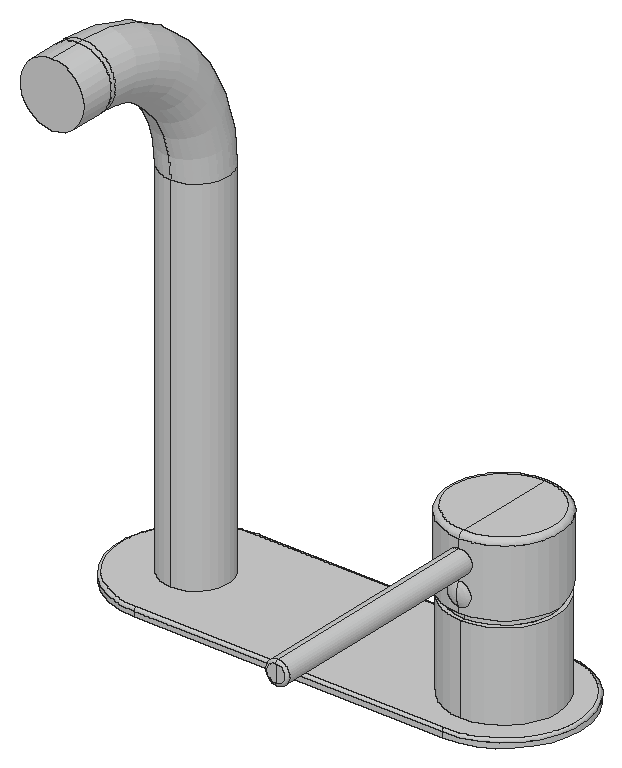
Revit family "MixerSet_Wall_Abey_LuciaBuilders_200_FaceBased", category Plumbing Fixtures, host Face, Revit 2022
Family settings
  Host = Face
  Round Connector Dimension = Use Diameter
  Part Type = Normal
  OmniClass Number = 23.31.11.19
  OmniClass Title = Faucet Mixing Valves
  Cut with Voids When Loaded = Yes
  Maintain Annotation Orientation = No
  Shared = No
  Room Calculation Point = No
Parameters (values of type "Chrome (4WS-EXT-200-LF)")
  Waste Connection = no
  Vent Connection = no
  Uniclass2015Version = "Products v1.38"
  Uniclass2015Title = "Mixer taps"
  Uniclass2015Code = "Pr_40_20_87_55"
  URL = "https://www.abey.com.au/"
  Type Comments = "Mixer Set - Wall - 200 - Chrome"
  ModifiedIssue = 20251103
  Model = "4WS-EXT-200-LF"
  Material = Metal_Abey_Chrome
  ManufacturerURLProductSpecific = "https://www.abeyspecifier.com.au/product/lucia-builders-wall-mixer-with-spout-external-only-200mm/"
  ManufacturerSpecCode = Model  # "4WS-EXT-200-LF"
  ManufacturerOverallWidth = 180 mm  # constant formula
  ManufacturerOverallHeight = 141 mm  # constant formula
  ManufacturerOverallDepth = 212.5 mm  # constant formula
  Manufacturer = "Abey"
  Keynote = ""
  IfcExportType = "FAUCET"
  IfcExportAs = "IfcValve"
  HW Connection = yes
  Description = "Lucia Builders Wall Mixer with Spout 200mm Chrome"
  Default Elevation = 1050 mm
  CreatedByURL = "https://igsgroup.com.au"
  CreatedBy = "IGS BIM Solutions"  # constant formula
  Cost = 0
  CW Connection = yes
  Assembly Code = "C1030210"
Types (3, lengths in mm): name | Type Comments | Model | Material | ManufacturerURLProductSpecific | ManufacturerSpecCode | Description
  Chrome (4WS-EXT-200-LF) | "Mixer Set - Wall - 200 - Chrome" | "4WS-EXT-200-LF" | Metal_Abey_Chrome | "https://www.abeyspecifier.com.au/product/lucia-builders-wall-mixer-with-spout-external-only-200mm/" | "4WS-EXT-200-LF" | "Lucia Builders Wall Mixer with Spout 200mm Chrome"
  Brushed Nickel (4WS-EXT-200-BN-LF) | "Mixer Set - Wall - 200 - Brushed Nickel" | "4WS-EXT-200-BN-LF" | Metal_Abey_BrushedNickel | "https://www.abeyspecifier.com.au/product/lucia-builders-wall-mixer-with-spout-external-only-200mm-3/" | "4WS-EXT-200-BN-LF" | "Lucia Builders Wall Mixer with Spout 200mm Brushed Nickel"
  Black (4WS-EXT-200-B-LF) | "Mixer Set - Wall - 200 - Black" | "4WS-EXT-200-B-LF" | Metal_Abey_Black | "https://www.abeyspecifier.com.au/product/lucia-builders-wall-mixer-with-spout-external-only-200mm-2/" | "4WS-EXT-200-B-LF" | "Lucia Builders Wall Mixer with Spout 200mm Black"
Reference planes
  plane 1 "Top": y = 31.5
  plane 2 "WallFace": z = 0
  plane 3 "Center (Left/Right)": x = -97.18
  plane 4 "Bottom": y = -109.5
  plane 5 "Left": x = -187.18
  plane 6 "Right": x = -7.18
  plane 7 "Back": z = 0
  plane 8 "Front": z = 212.5
  plane 9 "MountingHeight": y = 1.5
Forms (mm)
  Extrusion 1, void
    sketch origin (0, 0, 0) x (1, 0, 0) y (0, 1, 0)
      loop
        circle (-157.18, 1.5) r 15
    from 0 to -30
Text (mm)
  text "Disclaimer:\nDue to ongoing product development and manufacturing evolution, product details are subject to change without notice. Please refer to product technical data sheets on the manufacturers website for the most current product information. Please allow a +/- 5mm manufacturing tolerance for dimensions and set-outs shown in product literature." at (431.593, 11.453, 0), in view "Ref. Level"
Dimensions and locks
  equal spacing: plane 5 "Left", plane 3 "Center (Left/Right)", plane 6 "Right"
  "ManufacturerOverallWidth": plane 5 "Left" to plane 6 "Right"
  "ManufacturerOverallHeight": plane 4 "Bottom" to plane 1 "Top"
  "ManufacturerOverallDepth": plane 8 "Front" to plane 7 "Back"
  locked: plane 9 "MountingHeight" to plane 1 "Top" at 30
  aligned and locked: plane 2 "WallFace" to host face
  aligned and locked: level to host face
  aligned and locked: plane 7 "Back" to plane 2 "WallFace"
  aligned and locked: plane 7 "Back" to nested 1
  aligned and locked: plane 3 "Center (Left/Right)" to nested 1
  aligned and locked: nested 1 to plane 9 "MountingHeight"
Automatic sketch dimensions
  host sketch curve to host sketch curve = 329.098 mm
  host sketch curve to host sketch curve = 282.2 mm
  Extrusion 1 sketch curve to plane 9 "MountingHeight" = 0 mm
  Extrusion 1 sketch curve to plane 5 "Left" = 30 mm
  radius of Extrusion 1 sketch curve = 15 mm
Nested families
  nested 1: "z_MixerSet_Wall_Abey_LuciaBuilders_200" at (-92.174, 1.5, 305) x (1, 0, 0) z (0, 1, 0), type "Type 1"
Connectors
  piping at (-164.53, 1.5, -1), diameter 12.7, driven by "HW Connection"
    settings: on nested 1, index 1, connector inside diameter 24", connector length 0 mm, flow factor 0, pipe flow 0.00 L/s, pressure drop 0 kPa, fitting loss kfactor 0, connector angle 0.00°, fixture units 0, engagement length 0 mm, angle of deflection 0.00°, flow configuration 2, flow direction 1, fitting loss method 0, system type 19, joint type 0, gender type 0, connector reference index -1, connector utility 1, adjustable connector no, is connector primary yes, connector description "Hot Water Supply"
  piping at (-149.83, 1.5, -1), diameter 12.7, driven by "CW Connection"
    settings: on nested 1, index 2, connector inside diameter 24", connector length 0 mm, flow factor 0, pipe flow 0.00 L/s, pressure drop 0 kPa, fitting loss kfactor 0, connector angle 0.00°, fixture units 0, engagement length 0 mm, angle of deflection 0.00°, flow configuration 2, flow direction 1, fitting loss method 0, system type 20, joint type 0, gender type 0, connector reference index -1, connector utility 1, adjustable connector no, is connector primary no, connector description "Cold Water Supply"
Definition of nested family "z_MixerSet_Wall_Abey_LuciaBuilders_200"
  Parameters (values of type "Type 1")
    Waste Connection = no
    Vent Connection = no
    URL = "https://www.abey.com.au/"
    Type Comments = ""
    Model = ""
    ManufacturerOverallWidth = 180 mm  # constant formula
    ManufacturerOverallHeight = 141 mm  # constant formula
    ManufacturerOverallDepth = 212.5 mm  # constant formula
    Manufacturer = "Abey"
    HW Connection = yes
    Description = ""
    Default Elevation = 0 mm
    CreatedByURL = "https://igsgroup.com.au"
    CreatedBy = "IGS BIM Solutions"  # constant formula
    CW Connection = yes
    Material = none
    Assembly Code = ""
  Reference planes
    plane 1 "Ref. Level": z = 0
    plane 2 "Left": x = -95.006
    plane 3 "Back": y = 305
    plane 4 "SpoutCenter": y = 105
    plane 5 "SpoutCenter (Left/Right)": x = -65.006
    plane 6 "Front": y = 92.5
    plane 7 "Right": x = 84.994
    plane 8 "Top": z = 30
    plane 9 "MountingHeight": z = 0
    plane 10 "LeverCenter (Left/Right)": x = 54.994
    plane 11 "Center (Left/Right)": x = -5.006
    plane 12 "Bottom": z = -111
  Forms (mm)
    Extrusion 1, solid, material <- "Material"
      sketch origin (-45.006, 305, 1015.5) x (-1, 0, 0) y (0, 0, 1)
        loop
          circle (12.65, -1015.5) r 6.35
        loop
          circle (27.35, -1015.5) r 6.35
      from 0 to 1
    Sweep 2, solid, material <- "Material"
      path origin (-65.006, 1216.962, 4160) x (0, 1, 0) y (0, 0, 1)
        loop
          line (-911.962, -4160) -> (-1056.962, -4160)
          arc (-1056.962, -4160) -> (-1095.853, -4176.109) -> (-1111.962, -4215) r 55
          line (-1111.962, -4215) -> (-1111.962, -4217)
      profile origin (-65.006, 232.5, 0) x (0, 0, -1) y (1, 0, 0)
        loop
          circle (0, 0) r 12.5
    Extrusion 3, solid, material <- "Material"
      sketch origin (0, -1484, -81) x (0, -1, 0) y (-1, 0, 0)
        loop
          circle (-1589, 65.006) r 12.5
      from -11 to -24
    Sweep 4, solid, material <- "Material"
      path origin (-200, 305, 170) x (1, 0, 0) y (0, 0, 1)
        loop
          arc (134.994, -140) -> (104.994, -170) -> (134.994, -200) r 30
          line (134.994, -200) -> (254.994, -200)
          arc (254.994, -200) -> (284.994, -170) -> (254.994, -140) r 30
          line (254.994, -140) -> (134.994, -140)
      profile origin (-5.006, 305, 30) x (0, 0, 1) y (0, -1, 0)
        loop
          line (0, 0) -> (0, 2)
          arc (0, 2) -> (-0.293, 2.707) -> (-1, 3) r 1
          line (-1, 3) -> (-10, 3) -> (-10, 0) -> (0, 0)
    Extrusion 5, solid, material <- "Material"
      sketch origin (44.994, 295, 1050) x (0, 0, 1) y (1, 0, 0)
        loop
          line (-1030, -110) -> (-1030, 10)
          arc (-1030, 10) -> (-1050, 30) -> (-1070, 10) r 20
          line (-1070, 10) -> (-1070, -110)
          arc (-1070, -110) -> (-1050, -130) -> (-1030, -110) r 20
      from 7 to 10
    Revolve 6, solid, material <- "Material"
      sketch origin (54.994, 0, 0) x (0, 1, 0) y (0, 0, 1)
        loop
          line (302, 0) -> (302, 21) -> (268, 21) -> (268, 19.25)
          arc (268, 19.25) -> (263.795, 18.716) -> (260, 16.829) r 12.712
          line (260, 16.829) -> (260, 0) -> (268, 0) -> (302, 0)
        axis (260, 0) -> (302, 0)
      angle from 0 to 360
    Revolve 7, solid, material <- "Material"
      sketch origin (54.994, 0, 0) x (0, 1, 0) y (0, 0, 1)
        loop
          line (265, 0) -> (265, 21.768) -> (239, 21.768)
          arc (239, 21.768) -> (237.586, 21.183) -> (237, 19.768) r 2
          line (237, 19.768) -> (237, 0) -> (265, 0)
        axis (237, 0) -> (265, 0)
      angle from 0 to 360
    Revolve 8, solid, material <- "Material"
      sketch origin (54.994, 0, 0) x (0, 1, 0) y (0, 0, 1)
        loop
          line (247, -111) -> (247, -13.546) -> (242.5, -13.546) -> (242.5, -110)
          arc (242.5, -110) -> (242.793, -110.707) -> (243.5, -111) r 1
          line (243.5, -111) -> (247, -111)
        axis (247, -111) -> (247, -13.546)
      angle from 0 to 360
    Extrusion 9, void
      sketch origin (54.994, 1216.962, 4153.735) x (0, 1, 0) y (0, 0, 1)
        loop
          line (-951.962, -4153.735) -> (-951.962, -4131.077) -> (-958.459, -4131.077) -> (-951.962, -4153.735)
      from -30 to 30
    Revolve 10, solid, material <- "Material"
      sketch origin (54.994, 0, 0) x (0, 1, 0) y (0, 0, 1)
        loop
          line (260.75, -21.768) -> (260.75, -16.768) -> (258.25, -16.768) -> (258.25, -21.768) -> (258.25, -23.056)
          arc (258.25, -23.056) -> (260.59, -22.728) -> (262.75, -21.768) r 8.507
          line (262.75, -21.768) -> (260.75, -21.768)
        axis (258.25, -23.056) -> (258.25, -16.768)
      angle from 0 to 360
  Cuts and joins
    Extrusion 9 cuts Revolve 7
    joined: Sweep 2, Sweep 4, Extrusion 5, Revolve 6, Revolve 7, Revolve 8
  Lines and regions (mm)
    Masking region 1
      outline origin (0, 0, 30) x (0, -1, 0) y (1, 0, 0)
        loop
          line (-305, -95.006) -> (-303, -95.006)
          arc (-303, -95.006) -> (-302.293, -94.713) -> (-302, -94.006) r 1
          line (-302, -94.006) -> (-302, -77.506) -> (-105, -77.506)
          arc (-105, -77.506) -> (-92.5, -65.006) -> (-105, -52.506) r 12.5
          line (-105, -52.506) -> (-302, -52.506) -> (-302, 33.994) -> (-268, 33.994) -> (-268, 35.744)
          arc (-268, 35.744) -> (-266.494, 35.766) -> (-265, 35.959) r 13.298
          line (-265, 35.959) -> (-265, 33.225) -> (-239, 33.225)
          arc (-239, 33.225) -> (-237.586, 33.811) -> (-237, 35.225) r 2
          line (-237, 35.225) -> (-237, 74.762)
          arc (-237, 74.762) -> (-237.586, 76.176) -> (-239, 76.762) r 2
          line (-239, 76.762) -> (-265, 76.762) -> (-265, 74.028)
          arc (-265, 74.028) -> (-266.494, 74.221) -> (-268, 74.244) r 13.298
          line (-268, 74.244) -> (-268, 75.994) -> (-302, 75.994) -> (-302, 83.994)
          arc (-302, 83.994) -> (-302.293, 84.701) -> (-303, 84.994) r 1
          line (-303, 84.994) -> (-305, 84.994) -> (-305, -95.006)
    symbolic lines, detail levels medium+fine
      curve 1: line (-77.506, 302, 30) -> (-52.506, 302, 30)
      curve 3: line (33.994, 302, 30) -> (75.994, 302, 30)
      curve 4: line (35.744, 268, 30) -> (74.244, 268, 30)
      curve 5: spline (54.994, 258.745, 30) -> (52.1, 258.815, 30) -> (49.264, 258.989, 30) -> (46.534, 259.263, 30) -> (43.958, 259.633, 30) -> (41.578, 260.092, 30) -> (39.437, 260.633, 30) -> (37.569, 261.247, 30) -> (36.008, 261.922, 30) -> (34.78, 262.648, 30) -> (33.906, 263.411, 30) -> (33.4, 264.2, 30) -> (33.273, 265, 30)
      curve 6: spline (35.958, 265, 30) -> (36.264, 264.349, 30) -> (36.866, 263.714, 30) -> (37.754, 263.105, 30) -> (38.913, 262.532, 30) -> (40.325, 262.004, 30) -> (41.968, 261.529, 30) -> (43.815, 261.115, 30) -> (45.837, 260.768, 30) -> (48.001, 260.495, 30) -> (50.273, 260.299, 30) -> (52.616, 260.183, 30) -> (54.994, 260.15, 30)
      curve 7: spline (76.715, 265, 30) -> (76.587, 264.2, 30) -> (76.082, 263.411, 30) -> (75.208, 262.648, 30) -> (73.979, 261.922, 30) -> (72.418, 261.247, 30) -> (70.551, 260.633, 30) -> (68.409, 260.092, 30) -> (66.03, 259.633, 30) -> (63.453, 259.263, 30) -> (60.724, 258.989, 30) -> (57.888, 258.815, 30) -> (54.994, 258.745, 30)
      curve 8: spline (54.994, 260.15, 30) -> (57.371, 260.183, 30) -> (59.715, 260.299, 30) -> (61.987, 260.495, 30) -> (64.151, 260.768, 30) -> (66.172, 261.115, 30) -> (68.019, 261.529, 30) -> (69.662, 262.004, 30) -> (71.074, 262.532, 30) -> (72.233, 263.105, 30) -> (73.121, 263.714, 30) -> (73.723, 264.349, 30) -> (74.03, 265, 30)
    symbolic lines
      curve 2: arc (-77.506, 92.5, 0) -> (-65.006, 92.5, 12.5) -> (-52.506, 92.5, 0) r 12.5
  Dimensions and locks
    "ManufacturerOverallDepth": plane 3 "Back" to plane 6 "Front"
    locked: plane 4 "SpoutCenter" to plane 6 "Front" at 12.5
    locked: plane 2 "Left" to plane 5 "SpoutCenter (Left/Right)" at 30
    "ManufacturerOverallWidth": plane 2 "Left" to plane 7 "Right"
    locked: plane 8 "Top" to plane 9 "MountingHeight" at 30
    plane 10 "LeverCenter (Left/Right)" to plane 7 "Right" = 30 mm
    equal spacing: plane 2 "Left", plane 11 "Center (Left/Right)", plane 7 "Right"
    "ManufacturerOverallHeight": plane 8 "Top" to plane 12 "Bottom"
    aligned and locked: level to plane 1 "Ref. Level"
  Automatic sketch dimensions
    Extrusion 1 sketch curve to level = 0 mm  (x2)
    plane 5 "SpoutCenter (Left/Right)" to Extrusion 1 sketch curve = 7.35 mm
    Extrusion 1 sketch curve to plane 5 "SpoutCenter (Left/Right)" = 7.35 mm
    Sweep 2 sketch curve to plane 5 "SpoutCenter (Left/Right)" = 0 mm
    Sweep 2 sketch curve to profile plane = 0 mm
    Extrusion 3 sketch curve to plane 4 "SpoutCenter" = 0 mm
    Extrusion 3 sketch curve to plane 5 "SpoutCenter (Left/Right)" = 0 mm
    curve 2 to level = 0 mm
    curve 2 to plane 5 "SpoutCenter (Left/Right)" = 0 mm
    plane 5 "SpoutCenter (Left/Right)" to curve 2 = 12.5 mm
    Sweep 2 sketch curve to plane 4 "SpoutCenter" = 0 mm
    Sweep 2 sketch curve to level = 0 mm
    Sweep 2 sketch curve to plane 3 "Back" = 0 mm
    Sweep 2 sketch curve to Sweep 2 sketch curve = 2 mm
    Sweep 4 sketch curve to plane 5 "SpoutCenter (Left/Right)" = 0 mm
    Sweep 4 sketch curve to plane 8 "Top" = 0 mm
    Sweep 4 sketch curve to level = 0 mm
    plane 7 "Right" to Sweep 4 sketch curve = 30 mm
    Sweep 4 sketch curve to plane 3 "Back" = 0 mm
    profile plane to Sweep 4 sketch curve = 0 mm
    profile plane to Sweep 4 sketch curve = 1 mm
    Sweep 4 sketch curve to Sweep 4 sketch curve = 9 mm
    plane 3 "Back" to Sweep 4 sketch curve = 2 mm
    Extrusion 5 sketch curve to plane 5 "SpoutCenter (Left/Right)" = 0 mm
    Extrusion 5 sketch curve to level = 0 mm
    Extrusion 5 sketch curve to Extrusion 5 sketch curve = 20 mm
    plane 7 "Right" to Extrusion 5 sketch curve = 30 mm
    Revolve 6 sketch curve to level = 0 mm  (x2)
    plane 3 "Back" to Revolve 6 sketch curve = 45 mm
    Revolve 6 sketch curve to Revolve 6 sketch curve = 7.477 mm
    Revolve 6 sketch curve to Revolve 6 sketch curve = 8 mm
    Revolve 6 sketch curve to Revolve 6 sketch curve = 0.523 mm
    plane 3 "Back" to Revolve 6 sketch curve = 3 mm
    level to Revolve 6 sketch curve = 6.549 mm
    Revolve 6 sketch curve to Revolve 6 sketch curve = 10.28 mm
    Revolve 6 sketch curve to Revolve 6 sketch curve = 1.75 mm
    Revolve 6 sketch curve to Revolve 6 sketch curve = 0 mm
    Revolve 6 sketch curve to Revolve 6 sketch curve = 7.352 mm
    Revolve 7 sketch curve to level = 0 mm  (x2)
    plane 3 "Back" to Revolve 7 sketch curve = 68 mm
    Revolve 7 sketch curve to Revolve 7 sketch curve = 2 mm
    plane 8 "Top" to Revolve 7 sketch curve = 8.232 mm
    Revolve 7 sketch curve to Revolve 7 sketch curve = 26 mm
    Revolve 7 sketch curve to Revolve 7 sketch curve = 0 mm
    Revolve 7 sketch curve to Revolve 7 sketch curve = 8.533 mm
    Revolve 8 sketch curve to level = 13.546 mm
    plane 3 "Back" to Revolve 8 sketch curve = 62.5 mm
    Revolve 8 sketch curve to Revolve 8 sketch curve = 1 mm
    Revolve 8 sketch curve to Revolve 8 sketch curve = 4.5 mm
    Revolve 8 sketch curve to Revolve 8 sketch curve = 0 mm
    Extrusion 9 sketch curve to level = 0 mm
    plane 3 "Back" to Extrusion 9 sketch curve = 40 mm
    plane 8 "Top" to Extrusion 9 sketch curve = 7.342 mm
    Extrusion 9 sketch curve to Extrusion 9 sketch curve = 6.497 mm
    Revolve 10 sketch curve to level = 14.55 mm
    plane 3 "Back" to Revolve 10 sketch curve = 46.75 mm
    Revolve 10 sketch curve to Revolve 10 sketch curve = 2.5 mm
    Revolve 10 sketch curve to Revolve 10 sketch curve = 2 mm
    Revolve 10 sketch curve to Revolve 10 sketch curve = 2.219 mm
    Revolve 10 sketch curve to Revolve 10 sketch curve = 5 mm
    Revolve 10 sketch curve to Revolve 10 sketch curve = 1.288 mm
    Revolve 10 sketch curve to Revolve 10 sketch curve = 0 mm  (x3)
    plane 3 "Back" to Masking region 1 sketch curve = 0 mm
    Masking region 1 sketch curve to plane 2 "Left" = 0 mm
    Masking region 1 sketch curve to plane 7 "Right" = 0 mm
    Masking region 1 sketch curve to plane 4 "SpoutCenter" = 0 mm
    Masking region 1 sketch curve to plane 5 "SpoutCenter (Left/Right)" = 0 mm
    Masking region 1 sketch curve to Masking region 1 sketch curve = 2 mm  (x3)
    plane 3 "Back" to Masking region 1 sketch curve = 3 mm  (x2)
    Masking region 1 sketch curve to Masking region 1 sketch curve = 1 mm
    plane 7 "Right" to Masking region 1 sketch curve = 10.75 mm
    Masking region 1 sketch curve to Masking region 1 sketch curve = 34 mm
    Masking region 1 sketch curve to plane 10 "LeverCenter (Left/Right)" = 5.964 mm
    Masking region 1 sketch curve to Masking region 1 sketch curve = 0.553 mm
    plane 10 "LeverCenter (Left/Right)" to Masking region 1 sketch curve = 5.964 mm
    Masking region 1 sketch curve to Masking region 1 sketch curve = 0 mm
    Masking region 1 sketch curve to Masking region 1 sketch curve = 3 mm  (x2)
    Masking region 1 sketch curve to Masking region 1 sketch curve = 26 mm  (x2)
    plane 7 "Right" to Masking region 1 sketch curve = 10.232 mm
    Masking region 1 sketch curve to Masking region 1 sketch curve = 12.5 mm
    Masking region 1 sketch curve to Masking region 1 sketch curve = 0.768 mm
    Masking region 1 sketch curve to Masking region 1 sketch curve = 1.75 mm  (x2)
    Masking region 1 sketch curve to Masking region 1 sketch curve = 2.734 mm
    Masking region 1 sketch curve to plane 10 "LeverCenter (Left/Right)" = 21 mm
    plane 3 "Back" to curve 1 = 3 mm
    curve 1 to plane 5 "SpoutCenter (Left/Right)" = 12.5 mm
    plane 3 "Back" to curve 3 = 3 mm
    plane 7 "Right" to curve 4 = 10.75 mm
    curve 3 to curve 4 = 34 mm
    plane 5 "SpoutCenter (Left/Right)" to curve 1 = 12.5 mm
    curve 3 to plane 10 "LeverCenter (Left/Right)" = 21 mm
    curve 4 to plane 10 "LeverCenter (Left/Right)" = 19.25 mm
    plane 7 "Right" to curve 3 = 9 mm
    curve 4 to curve 6 = 2.658 mm
    curve 6 to curve 7 = 0.342 mm
    curve 4 to curve 5 = 3 mm
    curve 5 to curve 6 = 0 mm
    curve 5 to curve 5 = 0.131 mm
    curve 7 to curve 7 = 0.131 mm
    curve 6 to plane 10 "LeverCenter (Left/Right)" = 0 mm
    curve 7 to curve 6 = 4.718 mm
    plane 10 "LeverCenter (Left/Right)" to curve 7 = 0 mm
    curve 6 to curve 7 = 1.405 mm
    curve 5 to curve 4 = 2.476 mm
    curve 5 to curve 5 = 0.005 mm
    curve 5 to curve 6 = 2.685 mm
    curve 7 to plane 10 "LeverCenter (Left/Right)" = 0.496 mm
    curve 6 to plane 10 "LeverCenter (Left/Right)" = 0.241 mm
    curve 6 to curve 7 = 3.127 mm
    curve 6 to curve 8 = 0 mm
    curve 8 to curve 8 = 0.342 mm
    plane 10 "LeverCenter (Left/Right)" to curve 8 = 0.241 mm
    curve 6 to curve 8 = 0.441 mm
    Sweep 2 sketch curve to Sweep 2 sketch curve = 55 mm
    Revolve 8 sketch curve to Revolve 8 sketch curve = 96.454 mm
    Revolve 8 sketch curve to Revolve 8 sketch curve = 32.297 mm
    Revolve 8 sketch curve to Revolve 8 sketch curve = 30 mm
    radius of Extrusion 1 sketch curve = 6.35 mm  (x2)
    radius of Sweep 2 sketch curve = 12.5 mm
    radius of Extrusion 3 sketch curve = 12.5 mm
